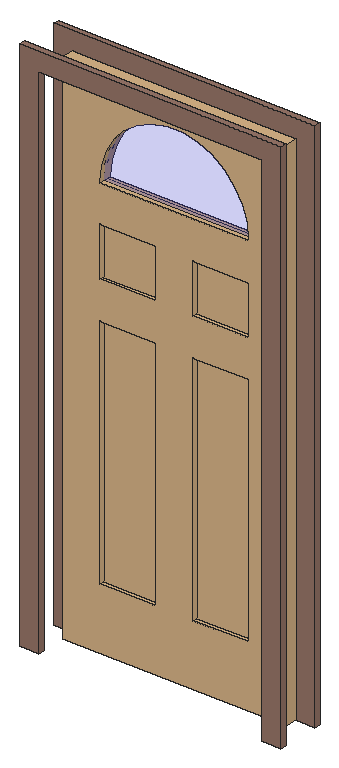
Revit family
Parameters (values of type "0915 x 2134mm")
  Thickness = 50.00 mm
  프레임 재료 = 문 - 프레임
  Height = 2134.00 mm
  자르기 투영 외부 = 25.00 mm
  자르기 투영 내부 = 25.00 mm
  자르기 폭 = 75.00 mm
  Wall Closure = (empty or 0)
  Width = 915.00 mm
  문 재료 = 문 - 패널
Types (7, lengths in mm): name | Height | 자르기 폭 | Width
  0915 x 2134mm | 2134.00 | 75.00 | 915.00
  0864 x 2134mm | 2134.00 | 76.00 | 864.00
  0813 x 2134mm | 2134.00 | 76.00 | 813.00
  0762 x 2134mm | 2134.00 | 76.00 | 762.00
  0762 x 2032mm | 2032.00 | 76.00 | 762.00
  0915 x 2032mm | 2032.00 | 76.00 | 915.00
  0864 x 2032mm | 2032.00 | 76.00 | 864.00
Reference planes
  plane 1: y = 0
  plane 2: z = 0
  plane 3: x = 0
  plane 4: x = -457.5
  plane 5: x = 457.5
  plane 6: z = 2134
  plane 7: x = 305.1
  plane 8: x = -305.1
  plane 9: z = 254
  plane 10: z = 1219.3
  plane 11: z = 1371.7
  plane 12: z = 1574.9
  plane 13: z = 1727.3
  plane 14: z = 2032.4
  plane 15: x = -76.2
  plane 16: x = 76.2
  plane 17: y = 75
Forms (mm)
  Extrusion 1, solid, material "문 - 패널" <- "문 재료"
    sketch origin (-1524, 76.2, 0) x (-1, 0, 0) y (0, 0, 1)
      loop
        line (-1218.9, 254) -> (-1218.9, 1219.3) -> (-1447.8, 1219.3) -> (-1447.8, 254) -> (-1218.9, 254)
      loop
        line (-1829.1, 1219.3) -> (-1829.1, 254) -> (-1600.2, 254) -> (-1600.2, 1219.3) -> (-1829.1, 1219.3)
      loop
        line (-1829.1, 1574.9) -> (-1829.1, 1371.7) -> (-1600.2, 1371.7) -> (-1600.2, 1574.9) -> (-1829.1, 1574.9)
      loop
        line (-1447.8, 1574.9) -> (-1447.8, 1371.7) -> (-1218.9, 1371.7) -> (-1218.9, 1574.9) -> (-1447.8, 1574.9)
    from -17.867 to -34.533
  Extrusion 2, solid, material "유리"
    sketch origin (-1524, 76.2, 0) x (-1, 0, 0) y (0, 0, 1)
      loop
        arc (-1218.9, 1727.3) -> (-1524, 2032.4) -> (-1829.1, 1727.3) r 305.1
        line (-1829.1, 1727.3) -> (-1218.9, 1727.3)
    from -17.867 to -34.533
  Extrusion 3, solid, material "문 - 프레임" <- "프레임 재료"
    sketch origin (-1524, 75, 0) x (-1, 0, 0) y (0, 0, 1)
      loop
        line (-2057.5, 2209) -> (-2057.5, 0) -> (-1981.5, 0) -> (-1981.5, 2134) -> (-1066.5, 2134) -> (-1066.5, 0) -> (-990.5, 0) -> (-990.5, 2209) -> (-2057.5, 2209)
    from 0 to 25
  Extrusion 4, solid, material "문 - 프레임" <- "프레임 재료"
    sketch origin (-1524, -75, 0) x (1, 0, 0) y (0, 0, 1)
      loop
        line (2057.5, 0) -> (2057.5, 2209) -> (990.5, 2209) -> (990.5, 0) -> (1066.5, 0) -> (1066.5, 2134) -> (1981.5, 2134) -> (1981.5, 0) -> (2057.5, 0)
    from 0 to 25
  Extrusion 5, solid, material "문 - 패널" <- "문 재료"
    sketch origin (-1524, -75, 0) x (1, 0, 0) y (0, 0, 1)
      loop
        line (1066.5, 2134) -> (1066.5, 0) -> (1981.5, 0) -> (1981.5, 2134) -> (1066.5, 2134)
      loop
        line (1218.9, 1219.3) -> (1218.9, 254) -> (1447.8, 254) -> (1447.8, 1219.3) -> (1218.9, 1219.3)
      loop
        line (1600.2, 1219.3) -> (1600.2, 254) -> (1829.1, 254) -> (1829.1, 1219.3) -> (1600.2, 1219.3)
      loop
        line (1218.9, 1371.7) -> (1447.8, 1371.7) -> (1447.8, 1574.9) -> (1218.9, 1574.9) -> (1218.9, 1371.7)
      loop
        line (1829.1, 1574.9) -> (1600.2, 1574.9) -> (1600.2, 1371.7) -> (1829.1, 1371.7) -> (1829.1, 1574.9)
      loop
        line (1218.9, 1727.3) -> (1829.1, 1727.3)
        arc (1829.1, 1727.3) -> (1524, 2032.4) -> (1218.9, 1727.3) r 305.1
    from -150 to -100
Lines and regions (mm)
  Opening 1
    outline origin (-1524, -75, 3657.6) x (0, 0, -1) y (1, 0, 0)
      loop
        line (1523.6, 1066.5) -> (3657.6, 1066.5) -> (3657.6, 1981.5) -> (1523.6, 1981.5) -> (1523.6, 1066.5)
  symbolic lines, style "DoorsPanelProjection"
    curve 1: line (457.5, 75, 0) -> (407.5, 75, 0)
    curve 2: line (457.5, 75, 0) -> (457.5, 990.045, 0)
    curve 3: line (457.5, 990.045, 0) -> (407.5, 990.045, 0)
    curve 4: line (407.5, 75, 0) -> (407.5, 990.045, 0)
  model lines, style "DoorsFrameMullionProjection"
    curve 5: line (533.5, -75, 2209) -> (533.5, -75, 0)
    curve 6: line (533.5, 75, 0) -> (533.5, 75, 2209)
    curve 7: line (-533.5, 75, 2209) -> (533.5, 75, 2209)
    curve 8: line (-533.5, 75, 2209) -> (-533.5, 75, 0)
    curve 9: line (-528.882, -75, 2209) -> (512.718, -75, 2209)
    curve 10: line (-533.5, -75, 2209) -> (-533.5, -75, 0)
  symbolic lines, style "평면 스윙"
    curve 11: arc (407.5, 990.045, 0) -> (-207.943, 705.074, 0) -> (-458.91, 75, 0) r 916.41
  symbolic lines, style "입면도 스윙"
    curve 12: line (-457.5, 0, 2134) -> (457.5, 0, 1067)
    curve 13: line (457.5, 0, 1067) -> (-457.5, 0, 0)
Dimensions and locks
  equal spacing: plane 4, plane 3, plane 5
  "Width": plane 4 to plane 5
  "Height": plane 6 to plane 2
  locked: curve 7 to host wall
  plane 4 to plane 8 = 152.40 mm
  plane 7 to plane 5 = 152.40 mm
  "자르기 폭": curve 9 to plane 6
  "자르기 투영 외부": Extrusion 3 to host wall
  "자르기 투영 내부": Extrusion 4 to host wall
  "Thickness": curve 4 to plane 5
  locked: plane 9 to level at 254
  plane 6 to plane 14 to plane 13 to plane 12 to plane 11 to plane 10 = 101.60 mm, 305.10 mm, 152.40 mm, 203.20 mm, 152.40 mm
  locked: plane 15 to plane 16 at 152.4
  equal spacing: plane 15, plane 3, plane 16
  locked: plane 17 to host wall at 0
  "Thickness": Extrusion 5 to plane 17
  equal spacing: Extrusion 5, Extrusion 1, Extrusion 1, plane 17
  equal spacing: plane 17, Extrusion 2, Extrusion 2, Extrusion 5
  equal spacing: plane 6, curve 13, level
  aligned and locked: curve 5 to level
  aligned and locked: host wall to plane 1
  aligned and locked: curve 10 to curve 7
  aligned and locked: curve 10 to curve 8
  aligned and locked: curve 6 to Extrusion 3 sketch curve
  aligned and locked: Extrusion 3 sketch curve to curve 8
  aligned and locked: Extrusion 3 sketch curve to curve 7
  aligned and locked: plane 2 to Extrusion 3 sketch curve
  aligned and locked: Extrusion 4 sketch curve to curve 7
  aligned and locked: Extrusion 4 sketch curve to curve 5
  aligned and locked: Extrusion 4 sketch curve to curve 8
  aligned and locked: Extrusion 1 sketch curve to Extrusion 1 sketch curve  (x8)
  aligned and locked: plane 11 to Extrusion 1 sketch curve
  aligned and locked: plane 12 to Extrusion 1 sketch curve
  aligned and locked: Extrusion 1 sketch curve to plane 7
  aligned and locked: plane 8 to Extrusion 1 sketch curve
  aligned and locked: plane 15 to Extrusion 1 sketch curve
  aligned and locked: Extrusion 1 sketch curve to plane 16
  aligned and locked: Extrusion 1 sketch curve to plane 9
  aligned and locked: Extrusion 1 sketch curve to plane 10
  aligned and locked: Extrusion 2 sketch curve to plane 13
  aligned and locked: level to Extrusion 5 sketch curve
  aligned and locked: plane 6 to Extrusion 5 sketch curve
  aligned and locked: plane 5 to Extrusion 5 sketch curve
  aligned and locked: Extrusion 5 sketch curve to plane 4
  aligned and locked: Extrusion 5 sketch curve to plane 8
  aligned and locked: plane 15 to Extrusion 5 sketch curve
  aligned and locked: Extrusion 5 sketch curve to plane 16
  aligned and locked: plane 7 to Extrusion 5 sketch curve
  aligned and locked: Extrusion 5 sketch curve to plane 9  (x2)
  aligned and locked: plane 10 to Extrusion 5 sketch curve  (x2)
  aligned and locked: plane 11 to Extrusion 5 sketch curve  (x2)
  aligned and locked: Extrusion 5 sketch curve to plane 12  (x2)
  aligned and locked: Extrusion 5 sketch curve to plane 7
  aligned and locked: plane 8 to Extrusion 5 sketch curve
  aligned and locked: Extrusion 5 sketch curve to plane 15
  aligned and locked: plane 16 to Extrusion 5 sketch curve
  aligned and locked: Extrusion 5 sketch curve to Extrusion 2
  aligned and locked: host wall to Extrusion 5
Automatic sketch dimensions
  Opening 1 sketch curve to plane 6 = 0.00 mm
  Opening 1 sketch curve to level = 0.00 mm
  Opening 1 sketch curve to plane 4 = 0.00 mm
  Opening 1 sketch curve to plane 5 = 0.00 mm
  Extrusion 3 sketch curve to level = 0.00 mm
  Extrusion 4 sketch curve to level = 0.00 mm  (x2)
  Extrusion 4 sketch curve to plane 4 = 0.00 mm
  Extrusion 4 sketch curve to plane 5 = 0.00 mm
  Extrusion 4 sketch curve to plane 6 = 0.00 mm
  curve 1 to plane 5 = 0.00 mm
  curve 11 to plane 5 = 0.00 mm
  plane 4 to curve 11 = 1.41 mm
  Extrusion 3 sketch curve to plane 5 = 0.00 mm
  Extrusion 3 sketch curve to plane 4 = 0.00 mm
  Extrusion 3 sketch curve to plane 6 = 0.00 mm
  curve 1 to host wall = 0.00 mm
  Extrusion 2 sketch curve to plane 7 = 0.00 mm
  Extrusion 2 sketch curve to plane 8 = 0.00 mm
  Extrusion 5 sketch curve to plane 8 = 0.00 mm
  Extrusion 5 sketch curve to plane 3 = 0.00 mm
  curve 11 to host wall = 0.00 mm
  curve 12 to plane 4 = 0.00 mm
  curve 12 to plane 6 = 0.00 mm
  curve 12 to plane 5 = 0.00 mm
  curve 10 to level = 0.00 mm
  curve 6 to level = 0.00 mm
  curve 13 to level = 0.00 mm
  curve 8 to level = 0.00 mm
  curve 13 to plane 4 = 0.00 mm
  curve 10 to curve 9 = 0.00 mm
  curve 5 to curve 6 = 0.00 mm
  plane 4 to curve 9 = 71.382 mm
  curve 8 to curve 9 = 4.618 mm
  curve 9 to plane 5 = 55.218 mm
  curve 5 to plane 5 = 76.00 mm
  curve 6 to curve 5 = 0.00 mm
